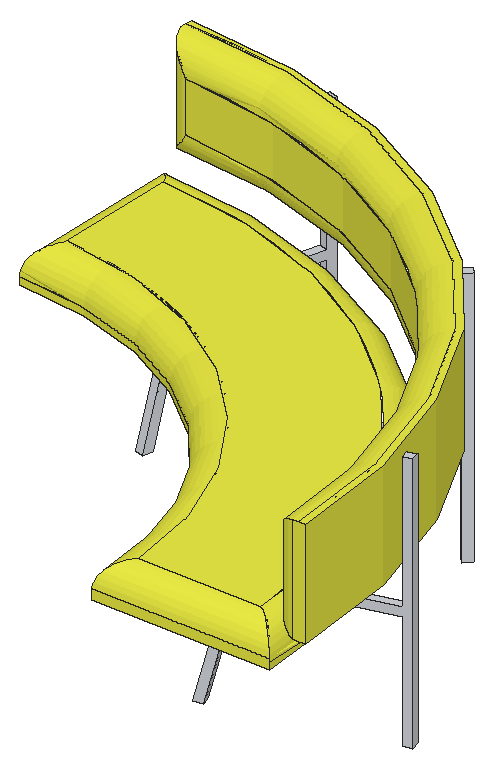
Revit family
Reference planes
  plane 1 "중심(앞/뒤)": y = 0
  plane 2: z = 0
  plane 3 "중심(왼쪽/오른쪽)": x = 0
  plane 4 "대각선": through (0, 0, 0) normal (0.7071, -0.7071, 0)
  plane 5: through (0, 0, 0) normal (0.9659, -0.2588, 0)
  plane 6: through (0, 0, 0) normal (0.2588, -0.9659, 0)
Forms (mm)
  Extrusion 1, solid
    sketch origin (0, 0, 0) x (0.707107, 0.707107, 0) y (0, 0, 1)
      loop
        line (1600, 725) -> (1600, 350) -> (1100, 350) -> (1100, 325) -> (1185.526, 325) -> (1100, 0) -> (1125.851, 0) -> (1211.377, 325) -> (1600, 325) -> (1600, 0) -> (1625, 0) -> (1625, 725) -> (1600, 725)
    from 12.5 to -12.5
  Extrusion 2, solid
    sketch origin (0, 0, 0) x (0.258819, 0.965926, 0) y (0, 0, 1)
      loop
        line (1600, 725) -> (1600, 350) -> (1100, 350) -> (1100, 325) -> (1185.526, 325) -> (1100, 0) -> (1125.851, 0) -> (1211.377, 325) -> (1600, 325) -> (1600, 0) -> (1625, 0) -> (1625, 725) -> (1600, 725)
    from 12.5 to -12.5
  Extrusion 3, solid
    sketch origin (0, 0, 0) x (0.965926, 0.258819, 0) y (0, 0, 1)
      loop
        line (1600, 725) -> (1600, 350) -> (1100, 350) -> (1100, 325) -> (1185.526, 325) -> (1100, 0) -> (1125.851, 0) -> (1211.377, 325) -> (1600, 325) -> (1600, 0) -> (1625, 0) -> (1625, 725) -> (1600, 725)
    from 12.5 to -12.5
Dimensions and locks
  nested 1 to Extrusion 1 sketch curve = 350 mm
Nested families
  nested 1: "의자-노란색" at (0, 0, 0), type "의자-노란색"
Definition of nested family "의자-노란색"
  Reference planes
    plane 1 "중심(앞/뒤)": y = 0
    plane 2: z = 0
    plane 3 "중심(왼쪽/오른쪽)": x = 0
    plane 4 "대각선": through (0, 0, 0) normal (0.7071, -0.7071, 0)
  Forms (mm)
    Sweep 1, solid, material "시트"
      path origin (0, 0, 350) x (1, 0, 0) y (0, 1, 0)
        loop
          arc (1000, 0) -> (707.107, 707.107) -> (0, 1000) r 1000
      profile "프로파일 : 프로파일" origin (707.107, 707.107, 350) x (-0.707107, -0.707107, 0) y (0, 0, 1)
        loop
          arc (-580, 100) -> (-523.431, 123.431) -> (-500, 180) r 80
          line (-500, 180) -> (-500, 320)
          arc (-500, 320) -> (-523.431, 376.569) -> (-580, 400) r 80
          line (-580, 400) -> (-600, 400) -> (-600, 100) -> (-580, 100)
        loop
          line (-500, 0) -> (0, 0) -> (0, 20)
          arc (0, 20) -> (-23.431, 76.569) -> (-80, 100) r 80
          line (-80, 100) -> (-420, 100)
          arc (-420, 100) -> (-476.569, 76.569) -> (-500, 20) r 80
          line (-500, 20) -> (-500, 0)
    Extrusion 2, void
      sketch origin (3.903, 0, 346.611) x (1, 0, 0) y (0, 0, 1)
        loop
          arc (-5.085, 24.068) -> (18.346, 80.637) -> (74.915, 104.068) r 80
          line (74.915, 104.068) -> (-5.085, 104.068) -> (-5.085, 24.068)
      from -1499.575 to -638.949
    Extrusion 3, void
      sketch origin (2499.509, 4.767, 346.611) x (0, 1, 0) y (0, 0, 1)
        loop
          arc (-5.085, 24.068) -> (18.346, 80.637) -> (74.915, 104.068) r 80
          line (74.915, 104.068) -> (-5.085, 104.068) -> (-5.085, 24.068)
      from -1545.466 to -988.021
    Extrusion 4, void
      sketch origin (81.053, 136.457, 350) x (1, 0, 0) y (0, 1, 0)
        loop
          line (1416.319, -57.457) -> (1416.319, -137.457) -> (1496.319, -137.457)
          arc (1496.319, -137.457) -> (1439.75, -114.026) -> (1416.319, -57.457) r 80
      from 100 to 428.588
    Extrusion 5, void
      sketch origin (136.457, 81.053, 350) x (0, 1, 0) y (-1, 0, 0)
        loop
          arc (1416.319, 57.457) -> (1439.75, 114.026) -> (1496.319, 137.457) r 80
          line (1496.319, 137.457) -> (1416.319, 137.457) -> (1416.319, 57.457)
      from 100 to 428.588
  Cuts and joins
    Extrusion 2, Extrusion 3, Extrusion 4, Extrusion 5 cuts Sweep 1
